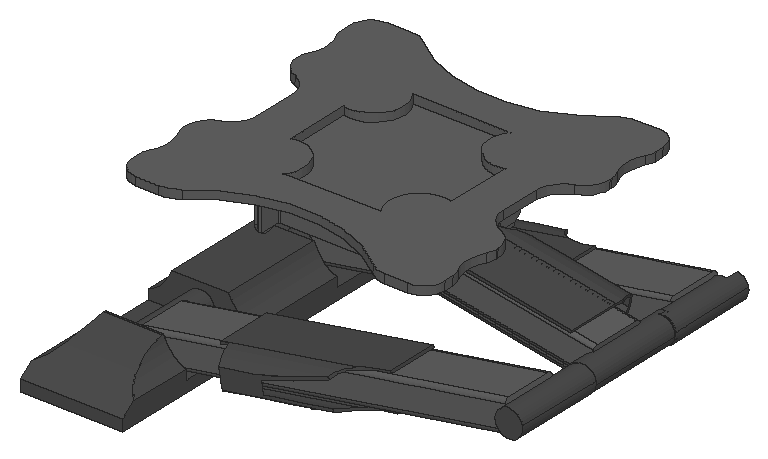
Revit family "Atdec-Wall_Mount_Rail-VFL-", category Generic Models, host Face, Revit 2016
Family settings
  Host = Face
  Part Type = Normal
  Can host rebar = No
  Round Connector Dimension = Use Diameter
  Cut with Voids When Loaded = No
  Shared = No
  Room Calculation Point = No
Parameters (values of type "TH-1040-VFL")
  X2 [instance] = 400 mm  # constant formula
  X [instance] = 660 mm  # constant formula
  Width = 500 mm
  Weight, single unit = "3.2kg (7lb)"
  Weight, master carton = "23.3kg (51.3lb)"
  Warranty = "10 years"
  VESA mounting hole pattern, mm = "100x100, 100x150, 200x100, 200x200"
  Universal Width (mm) = "-"
  Universal Height (mm) = "-"
  URL = "www.atdec.com.au"
  UPC Code = "881493007666"
  Tilt Adjustment = "10° of downward tilt"
  Single units per master pack = "6"
  Security feature = "-"
  Range of movement = "Full Motion"
  Product Information = "https://www.atdec.com.au/th-1040-vfl"
  Product Family = "Wall Mount Rail"  # constant formula
  Single Unit Dimensions = "387mm (15.2\") Lenght, 317mm (12.5\") Width, 58mm (2.3\") Height"
  Plate Finish [instance] = ATD-Powdercoat Black
  Pan adjustment = "90° left and 90° right"
  Model = "TH-1040-VFL"
  Minimum distance from wall (mm) = "52mm (2.05\")"
  Maximum distance from wall (mm) = "506mm (19.92\")"
  Material = "Steel"
  Master Carton Dimensions = "400mm (15.7\") Lenght, 370mm (13\") Width, 370mm (14.5\") Height"
  Manufacturer = "Atdec"  # constant formula
  Flat Screen maximum supported weight, kg = "35kg (77lb)"
  Email Address = "support@atdec.com"
  Dist X Arm 1 [instance] = 174 mm * cos(Angle Arm 1) + (X2 / 2)  # 28.643 mm
  Dist Y Arm 2 [instance] = 280 mm * sin(Angle Arm 2)  # 48.621 mm
  Dist Y Arm 1 [instance] = 174 mm * sin(Angle Arm 1)  # 30.215 mm
  Dist X Arm 2 [instance] = 280 mm * cos(Angle Arm 2) + (X / 2)  # 605.746 mm
  Description = "Slim full motion mount"
  Default Elevation = 1219.2 mm
  Colour Options = "Black"
  Bracket Finish [instance] = ATD-Plate Finish
  Assembly Code = "E1010800"
  Angle Plate Restriction [instance] = if(Angle Plate > 180.00°, 180.00°, Angle Plate)  # 0.00°
  Angle Plate [instance] = 0.00°
  Angle Arm 2 [instance] = 10.00°
  Angle Arm 1 [instance] = 170.00°
  Angle 2 Restriction [instance] = if(Angle Arm 2 > 180.00°, 180.00°, Angle Arm 2)  # 10.00°
  Angle 1 Restriction [instance] = if(Angle Arm 1 > 180.00°, 180.00°, Angle Arm 1)  # 170.00°
Reference planes
  plane 1 "Center (Front/Back)": y = 0
  plane 2: z = 0
  plane 3 "Center (Left/Right)": x = 0
  plane 4: z = 18.252
  plane 5: z = 66.874
  plane 6: x = 275.746
  plane 7: x = -330
  plane 8: x = 330
  plane 9: x = 475.746
  plane 10: x = 75.746
  plane 11: x = 104.39
  plane 12: z = 97.089
Forms (mm)
  Extrusion 1, solid, material "ATD-Plate Finish" <- "Bracket Finish"
    sketch origin (0, 0, 0) x (1, 0, 0) y (0, 0, 1)
      loop
        arc (-20.955, 32.899) -> (-27.061, 22.209) -> (-37.142, 15.141) r 28.187
        line (-37.142, 15.141) -> (-37.142, 0) -> (37.142, 0) -> (37.142, 15.141)
        arc (37.142, 15.141) -> (27.061, 22.209) -> (20.955, 32.899) r 28.187
        line (20.955, 32.899) -> (-20.955, 32.899)
    from -157.485 to 157.485
  Extrusion 2, void
    sketch origin (0, 0, 0) x (0, 1, 0) y (0, 0, 1)
      loop
        line (38.5, 8.252) -> (98.5, 8.252) -> (98.5, 33.234)
        arc (98.5, 33.234) -> (128.285, 23.743) -> (155.437, 8.252) r 149.155
        line (155.437, 8.252) -> (155.437, 0) -> (165.894, 0) -> (165.894, 40) -> (-165.894, 40) -> (-165.894, 0) -> (-155.437, 0) -> (-155.437, 8.252)
        arc (-155.437, 8.252) -> (-128.285, 23.743) -> (-98.5, 33.234) r 149.155
        line (-98.5, 33.234) -> (-98.5, 8.252) -> (-38.5, 8.252) -> (-38.5, 38.252) -> (38.5, 38.252) -> (38.5, 8.252)
    from -57.089 to 50.137
Cuts and joins
  Extrusion 2 cuts Extrusion 1
Lines and regions (mm)
  reference lines
    curve 1: line (0, 0, 18.252) -> (73.861, 0, 31.276)
    curve 2: line (0, 0, 18.252) -> (-2.605, 0, 33.025)
    curve 3: line (209.789, 0, 78.504) -> (275.746, 0, 66.874)
    curve 4: line (275.746, 0, 66.874) -> (272.593, 0, 48.99)
    curve 5: line (104.39, 0, 97.089) -> (154.39, 0, 97.089)
    curve 6: line (104.39, 0, 97.089) -> (104.39, 0, 122.089)
Dimensions and locks
  Extrusion 1 sketch curve to Extrusion 1 sketch curve to plane 3 "Center (Left/Right)" to Extrusion 1 sketch curve to Extrusion 1 sketch curve = 10.751 mm locked, 37.142 mm locked, 37.142 mm locked, 10.751 mm locked
  Extrusion 1 sketch curve to Extrusion 1 sketch curve to Extrusion 1 sketch curve to plane 2 = 0 mm locked, 8.299 mm, 32.899 mm locked
  equal spacing: Extrusion 1, plane 1 "Center (Front/Back)", Extrusion 1, locked at 157.485 each
  locked: plane 4 to plane 2 at 18.252
  equal spacing: plane 7, plane 3 "Center (Left/Right)", plane 8
  "X": plane 7 to plane 8
  "Dist X Arm 2": plane 7 to plane 6
  "Dist Y Arm 2": plane 5 to plane 4
  equal spacing: plane 10, plane 6, plane 9
  "X2": plane 10 to plane 9
  "Dist X Arm 1": plane 10 to plane 11
  "Dist Y Arm 1": plane 12 to plane 5
  "Angle 2 Restriction": angle plane 4 to curve 1
  angle curve 1 to curve 2 = 90.00°
  "Angle 1 Restriction": angle plane 5 to curve 3
  locked: curve 3 to curve 4 (angle 90.00°)
  "Angle Plate Restriction": angle plane 12 to curve 5
  locked: curve 5 to curve 6 (angle 90.00°)
  aligned and locked: plane 2 to host face
  aligned and locked: level to host face
  aligned and locked: Extrusion 1 sketch curve to plane 2
  aligned and locked: plane 3 "Center (Left/Right)" to curve 1
  aligned and locked: plane 4 to curve 1
  aligned and locked: nested 1 to curve 2
  aligned and locked: cut or joined group of Extrusion 1, Extrusion 2 to nested 1
  aligned and locked: plane 5 to curve 3
  aligned and locked: curve 3 to nested 2
  aligned and locked: plane 6 to curve 3
  aligned and locked: plane 11 to curve 5
  aligned and locked: plane 12 to curve 5
  aligned and locked: curve 6 to nested 3
  aligned and locked: nested 3 to curve 5
  aligned and locked: plane 1 "Center (Front/Back)" to nested 3
  aligned and locked: plane 1 "Center (Front/Back)" to nested 2
Automatic sketch dimensions
  host sketch curve to host sketch curve = 544.919 mm
  host sketch curve to host sketch curve = 520.607 mm
  Extrusion 1 sketch curve to plane 3 "Center (Left/Right)" = 20.955 mm
  plane 3 "Center (Left/Right)" to Extrusion 1 sketch curve = 20.955 mm
  Extrusion 2 sketch curve to level = 0 mm  (x2)
  plane 1 "Center (Front/Back)" to Extrusion 2 sketch curve = 165.894 mm
  Extrusion 2 sketch curve to Extrusion 2 sketch curve = 10.457 mm  (x2)
  level to Extrusion 2 sketch curve = 8.252 mm  (x3)
  Extrusion 2 sketch curve to Extrusion 2 sketch curve = 56.937 mm  (x2)
  plane 1 "Center (Front/Back)" to Extrusion 2 sketch curve = 68.357 mm
  plane 1 "Center (Front/Back)" to Extrusion 2 sketch curve = 38.5 mm
  Extrusion 2 sketch curve to plane 1 "Center (Front/Back)" = 38.5 mm
  Extrusion 2 sketch curve to plane 1 "Center (Front/Back)" = 68.357 mm
  level to Extrusion 2 sketch curve = 33.234 mm
  Extrusion 2 sketch curve to Extrusion 2 sketch curve = 60 mm
  Extrusion 2 sketch curve to level = 112.844 mm
  Extrusion 2 sketch curve to Extrusion 2 sketch curve = 8.252 mm
  Extrusion 2 sketch curve to Extrusion 2 sketch curve = 30 mm
  Extrusion 2 sketch curve to Extrusion 2 sketch curve = 31.748 mm
Nested families
  nested 1: "VFL-ARM2" at (0, -2.127, 18.252) x (0, 1, 0) z (-0.1736, 0, 0.9848), Plate Finish <- "Plate Finish", Bracket Finish <- "Bracket Finish", type "VFL-ARM2"
    with Plate Finish ATD-Powdercoat Black, Bracket Finish ATD-Plate Finish
  nested 2: "VFL-ARM1" at (275.746, 0, 66.874) x (0, 1, 0) z (-0.1736, 0, -0.9848), Bracket Finish <- "Bracket Finish", Plate Finish <- "Plate Finish", type "VFL-ARM1"
    with Plate Finish ATD-Powdercoat Black, Bracket Finish ATD-Plate Finish
  nested 3: "VFL-Plate" at (104.39, 0, 97.089), Plate Finish <- "Plate Finish", Bracket Finish <- "Bracket Finish", type "VFL-Plate"
    with Plate Finish ATD-Powdercoat Black, Bracket Finish ATD-Plate Finish
Definition of nested family "VFL-ARM2"
  Parameters (values of type "VFL-ARM2")
    Plate Finish [instance] = none
    Default Elevation = 1219.2 mm
    Bracket Finish [instance] = none
  Reference planes
    plane 1 "Center (Front/Back)": y = 0
    plane 2: z = 0
    plane 3 "Center (Left/Right)": x = 0
  Forms (mm)
    Extrusion 1, solid, material <- "Bracket Finish"
      sketch origin (0, -455.192, 0) x (0, 1, 0) y (0, 0, 1)
        loop
          circle (174.211, 0) r 10
      from 36.308 to 102.3
    Extrusion 2, solid, material <- "Plate Finish"
      sketch origin (76.065, 0, 0) x (1, 0, 0) y (0, 0, 1)
        loop
          arc (-19, 11.676) -> (-21.121, 10.797) -> (-22, 8.676) r 3
          line (-22, 8.676) -> (-22, -8.64)
          arc (-22, -8.64) -> (-21.121, -10.761) -> (-19, -11.64) r 3
          line (-19, -11.64) -> (16.581, -11.64)
          arc (16.581, -11.64) -> (18.702, -10.761) -> (19.581, -8.64) r 3
          line (19.581, -8.64) -> (19.581, 8.676)
          arc (19.581, 8.676) -> (18.702, 10.797) -> (16.581, 11.676) r 3
          line (16.581, 11.676) -> (-19, 11.676)
        loop
          line (-133.13, 11.676) -> (-168.711, 11.676)
          arc (-168.711, 11.676) -> (-170.832, 10.797) -> (-171.711, 8.676) r 3
          line (-171.711, 8.676) -> (-171.711, -8.64)
          arc (-171.711, -8.64) -> (-170.832, -10.761) -> (-168.711, -11.64) r 3
          line (-168.711, -11.64) -> (-133.13, -11.64)
          arc (-133.13, -11.64) -> (-131.009, -10.761) -> (-130.13, -8.64) r 3
          line (-130.13, -8.64) -> (-130.13, 8.676)
          arc (-130.13, 8.676) -> (-131.009, 10.797) -> (-133.13, 11.676) r 3
      from 5.115 to 275.115
    Extrusion 3, solid, material <- "Bracket Finish"
      sketch origin (0, -174.211, 0) x (0, 1, 0) y (0, 0, 1)
        loop
          circle (174.211, 0) r 10
      from 36.308 to 100.627
    Extrusion 4, solid, material <- "Bracket Finish"
      sketch origin (0, -455.192, 0) x (0, 1, 0) y (0, 0, -1)
        loop
          circle (174.211, 0) r 10
      from 36.308 to 102.3
    Extrusion 5, solid, material <- "Bracket Finish"
      sketch origin (-76.065, 0, 0) x (-1, 0, 0) y (0, 0, -1)
        loop
          line (-22, -13.238) -> (19.581, -13.238)
          arc (19.581, -13.238) -> (32.214, -10.809) -> (43.045, -3.868) r 34.064
          line (43.045, -3.868) -> (43.045, 4.102)
          arc (43.045, 4.102) -> (31.483, 11.326) -> (18.014, 13.437) r 34.064
          line (18.014, 13.437) -> (-22, 13.437) -> (-22, 11.7) -> (20.004, 11.7)
          arc (20.004, 11.7) -> (29.978, 9.977) -> (38.798, 5.01) r 29.743
          line (38.798, 5.01) -> (38.798, -4.32)
          arc (38.798, -4.32) -> (30.092, -9.76) -> (20.004, -11.66) r 27.732
          line (20.004, -11.66) -> (-22, -11.66) -> (-22, -13.238)
        loop
          line (-130.13, -13.238) -> (-130.13, -11.66) -> (-172.134, -11.66)
          arc (-172.134, -11.66) -> (-182.222, -9.76) -> (-190.928, -4.32) r 27.732
          line (-190.928, -4.32) -> (-190.928, 5.01)
          arc (-190.928, 5.01) -> (-182.109, 9.977) -> (-172.134, 11.7) r 29.743
          line (-172.134, 11.7) -> (-130.13, 11.7) -> (-130.13, 13.437) -> (-170.144, 13.437)
          arc (-170.144, 13.437) -> (-183.613, 11.326) -> (-195.175, 4.102) r 34.064
          line (-195.175, 4.102) -> (-195.175, -3.868)
          arc (-195.175, -3.868) -> (-184.344, -10.809) -> (-171.711, -13.238) r 34.064
          line (-171.711, -13.238) -> (-130.13, -13.238)
      from 65.932 to 188.255
    Extrusion 6, solid, material <- "Bracket Finish"
      sketch origin (0, -174.211, 0) x (0, 1, 0) y (0, 0, -1)
        loop
          circle (174.211, 0) r 10
      from 36.308 to 100.627
    Extrusion 7, void
      sketch origin (-71.54, -49.866, 0) x (-1, 0, 0) y (0, -1, 0)
        loop
          line (20.831, 235.134) -> (20.831, 129.134)
          arc (20.831, 129.134) -> (25.119, 114.468) -> (36.631, 104.421) r 27.225
          arc (36.631, 104.421) -> (42.762, 66.942) -> (43.323, 28.968) r 257.914
          line (43.323, 28.968) -> (24.529, 22.128) -> (24.529, -49.866) -> (55.797, -49.866) -> (55.797, 235.134) -> (20.831, 235.134)
        loop
          line (-163.91, 235.134) -> (-198.876, 235.134) -> (-198.876, -49.866) -> (-167.609, -49.866) -> (-167.609, 22.128) -> (-186.403, 28.968)
          arc (-186.403, 28.968) -> (-185.842, 66.942) -> (-179.711, 104.421) r 257.914
          arc (-179.711, 104.421) -> (-168.198, 114.468) -> (-163.91, 129.134) r 27.225
          line (-163.91, 129.134) -> (-163.91, 235.134)
      from -18.492 to 16.206
  Cuts and joins
    Extrusion 7 cuts Extrusion 1
    Extrusion 7 cuts Extrusion 3
    Extrusion 7 cuts Extrusion 5
  Dimensions and locks
    aligned and locked: level to plane 2
Definition of nested family "VFL-ARM1"
  Parameters (values of type "VFL-ARM1")
    Plate Finish [instance] = none
    Default Elevation = 1219.2 mm
    Bracket Finish [instance] = none
  Reference planes
    plane 1 "Center (Front/Back)": y = 0
    plane 2: z = 0
    plane 3 "Center (Left/Right)": x = 0
  Forms (mm)
    Extrusion 1, solid, material <- "Bracket Finish"
      sketch origin (0, 0, 0) x (0, 1, 0) y (0, 0, 1)
        loop
          circle (174.211, 0) r 10
      from -27.7 to 27.7
    Extrusion 2, solid, material <- "Bracket Finish"
      sketch origin (0, 0, 0) x (1, 0, 0) y (0, 0, 1)
        loop
          line (-22, 13.352) -> (-22, 11.676) -> (19.581, 11.676)
          arc (19.581, 11.676) -> (31.081, 9.538) -> (41.045, 3.41) r 32.001
          line (41.045, 3.41) -> (41.045, -3.89)
          arc (41.045, -3.89) -> (30.991, -9.643) -> (19.581, -11.64) r 33.601
          line (19.581, -11.64) -> (-22, -11.64) -> (-22, -13.28) -> (18.014, -13.28)
          arc (18.014, -13.28) -> (31.483, -11.169) -> (43.045, -3.945) r 34.064
          line (43.045, -3.945) -> (43.045, 3.981)
          arc (43.045, 3.981) -> (32.214, 10.922) -> (19.581, 13.352) r 34.064
          line (19.581, 13.352) -> (-22, 13.352)
      from -130.881 to -22.128
    Extrusion 3, void
      sketch origin (0, 0, 0) x (1, 0, 0) y (0, 1, 0)
        loop
          line (19.581, 169.134) -> (19.581, 129.134)
          arc (19.581, 129.134) -> (24.286, 113.835) -> (36.774, 103.824) r 27.225
          arc (36.774, 103.824) -> (42.789, 66.636) -> (43.323, 28.968) r 257.914
          line (43.323, 28.968) -> (24.529, 22.128) -> (18.014, 5.134) -> (48.014, 5.134) -> (48.014, 169.134) -> (19.581, 169.134)
      from -18.492 to 16.206
    Extrusion 4, solid, material <- "Bracket Finish"
      sketch origin (0, -174.211, 0) x (0, 1, 0) y (0, 0, 1)
        loop
          circle (174.211, 0) r 10
      from -38.8 to 38.8
    Extrusion 5, solid, material <- "Plate Finish"
      sketch origin (0, 0, 30) x (1, 0, 0) y (0, 0, 1)
        loop
          arc (-19, -18.324) -> (-21.121, -19.203) -> (-22, -21.324) r 3
          line (-22, -21.324) -> (-22, -38.64)
          arc (-22, -38.64) -> (-21.121, -40.761) -> (-19, -41.64) r 3
          line (-19, -41.64) -> (16.581, -41.64)
          arc (16.581, -41.64) -> (18.702, -40.761) -> (19.581, -38.64) r 3
          line (19.581, -38.64) -> (19.581, -21.324)
          arc (19.581, -21.324) -> (18.702, -19.203) -> (16.581, -18.324) r 3
          line (16.581, -18.324) -> (-19, -18.324)
      from -169.134 to -5.134
  Cuts and joins
    Extrusion 3 cuts Extrusion 2
  Dimensions and locks
    aligned and locked: level to plane 2
Definition of nested family "VFL-Plate"
  Parameters (values of type "VFL-Plate")
    Plate Finish [instance] = none
    Default Elevation = 1219.2 mm
    Bracket Finish [instance] = none
  Reference planes
    plane 1 "Center (Front/Back)": y = 0
    plane 2: z = 0
    plane 3 "Center (Left/Right)": x = 0
  Forms (mm)
    Extrusion 1, solid, material <- "Plate Finish"
      sketch origin (0, 0, 0) x (1, 0, 0) y (0, 0, 1)
        loop
          line (-58, 22.016) -> (-58, -14.63) -> (-56, -14.63) -> (-56, 22.016)
          arc (-56, 22.016) -> (-55.707, 22.723) -> (-55, 23.016) r 1
          line (-55, 23.016) -> (56, 23.016)
          arc (56, 23.016) -> (56.707, 22.723) -> (57, 22.016) r 1
          line (57, 22.016) -> (57, -14.63) -> (59, -14.63) -> (59, 22.016)
          arc (59, 22.016) -> (58.121, 24.137) -> (56, 25.016) r 3
          line (56, 25.016) -> (-55, 25.016)
          arc (-55, 25.016) -> (-57.121, 24.137) -> (-58, 22.016) r 3
      from -47 to 47
    Extrusion 2, void
      sketch origin (0, 0, 0) x (0, 1, 0) y (0, 0, 1)
        loop
          line (23, 17.016) -> (-23.881, 17.016)
          arc (-23.881, 17.016) -> (-27.926, 15.447) -> (-29.856, 11.562) r 6
          arc (-29.856, 11.562) -> (-30.149, 3.361) -> (-29.53, -4.821) r 73.86
          arc (-29.53, -4.821) -> (-37.412, -14.71) -> (-47, -6.464) r 8.78
          line (-47, -6.464) -> (-47, -15.255) -> (47, -15.255) -> (47, 2.243)
          arc (47, 2.243) -> (44.979, -1.494) -> (41, -2.984) r 6.057
          line (41, -2.984) -> (35, -2.984)
          arc (35, -2.984) -> (30.757, -1.227) -> (29, 3.016) r 6
          line (29, 3.016) -> (29, 11.016)
          arc (29, 11.016) -> (27.243, 15.258) -> (23, 17.016) r 6
      from -58 to 59
    Extrusion 3, solid, material <- "Plate Finish"
      sketch origin (0, 0, 0) x (1, 0, 0) y (0, 1, 0)
        loop
          line (-113.5, 109) -> (-113.5, 101.896)
          arc (-113.5, 101.896) -> (-113.061, 98.246) -> (-111.748, 94.812) r 15.005
          arc (-111.748, 94.812) -> (-108.558, 82.018) -> (-111.733, 69.221) r 27.318
          arc (-111.733, 69.221) -> (-113.052, 65.771) -> (-113.5, 62.104) r 15.21
          line (-113.5, 62.104) -> (-113.5, 60.707)
          arc (-113.5, 60.707) -> (-110.2, 50.423) -> (-101.637, 43.84) r 18.131
          arc (-101.637, 43.84) -> (-92.109, 36.484) -> (-88.5, 25) r 20.078
          line (-88.5, 25) -> (-88.5, -5)
          arc (-88.5, -5) -> (-92.109, -16.484) -> (-101.637, -23.84) r 20.078
          arc (-101.637, -23.84) -> (-110.2, -30.423) -> (-113.5, -40.707) r 18.131
          line (-113.5, -40.707) -> (-113.5, -42.104)
          arc (-113.5, -42.104) -> (-113.052, -45.771) -> (-111.733, -49.221) r 15.21
          arc (-111.733, -49.221) -> (-108.558, -62.018) -> (-111.748, -74.812) r 27.318
          arc (-111.748, -74.812) -> (-113.061, -78.246) -> (-113.5, -81.896) r 15.005
          line (-113.5, -81.896) -> (-113.5, -89)
          arc (-113.5, -89) -> (-109.107, -99.607) -> (-98.5, -104) r 15
          line (-98.5, -104) -> (-82.114, -104)
          arc (-82.114, -104) -> (-75.22, -102.768) -> (-69.18, -99.224) r 19.903
          arc (-69.18, -99.224) -> (0, -73.681) -> (69.18, -99.224) r 106.452
          arc (69.18, -99.224) -> (75.22, -102.768) -> (82.114, -104) r 19.903
          line (82.114, -104) -> (98.5, -104)
          arc (98.5, -104) -> (109.107, -99.607) -> (113.5, -89) r 15
          line (113.5, -89) -> (113.5, -81.896)
          arc (113.5, -81.896) -> (113.061, -78.246) -> (111.748, -74.812) r 15.005
          arc (111.748, -74.812) -> (108.558, -62.018) -> (111.733, -49.221) r 27.318
          arc (111.733, -49.221) -> (113.052, -45.771) -> (113.5, -42.104) r 15.21
          line (113.5, -42.104) -> (113.5, -40.707)
          arc (113.5, -40.707) -> (110.2, -30.423) -> (101.637, -23.84) r 18.131
          arc (101.637, -23.84) -> (92.109, -16.484) -> (88.5, -5) r 20.078
          line (88.5, -5) -> (88.5, 25)
          arc (88.5, 25) -> (92.109, 36.484) -> (101.637, 43.84) r 20.078
          arc (101.637, 43.84) -> (110.2, 50.423) -> (113.5, 60.707) r 18.131
          line (113.5, 60.707) -> (113.5, 62.104)
          arc (113.5, 62.104) -> (113.052, 65.771) -> (111.733, 69.221) r 15.21
          arc (111.733, 69.221) -> (108.558, 82.018) -> (111.748, 94.812) r 27.318
          arc (111.748, 94.812) -> (113.061, 98.246) -> (113.5, 101.896) r 15.005
          line (113.5, 101.896) -> (113.5, 109)
          arc (113.5, 109) -> (109.107, 119.607) -> (98.5, 124) r 15
          line (98.5, 124) -> (82.114, 124)
          arc (82.114, 124) -> (75.22, 122.768) -> (69.18, 119.224) r 19.903
          arc (69.18, 119.224) -> (0, 93.681) -> (-69.18, 119.224) r 106.452
          arc (-69.18, 119.224) -> (-75.22, 122.768) -> (-82.114, 124) r 19.903
          line (-82.114, 124) -> (-98.5, 124)
          arc (-98.5, 124) -> (-109.107, 119.607) -> (-113.5, 109) r 15
        loop
          line (-57.866, 33.826) -> (-57.866, -14.826)
          arc (-57.866, -14.826) -> (-34.408, -24.152) -> (-35.653, -49.366) r 21.698
          line (-35.653, -49.366) -> (35.653, -49.366)
          arc (35.653, -49.366) -> (34.732, -23.662) -> (59, -15.139) r 21.698
          line (59, -15.139) -> (59, 34.139)
          arc (59, 34.139) -> (34.732, 42.662) -> (35.653, 68.366) r 21.698
          line (35.653, 68.366) -> (-35.653, 68.366)
          arc (-35.653, 68.366) -> (-34.408, 43.152) -> (-57.866, 33.826) r 21.698
      from 29.016 to 35.026
    Extrusion 4, solid, material <- "Plate Finish"
      sketch origin (0, 0, 0) x (1, 0, 0) y (0, 1, 0)
        loop
          line (-54.5, 47.5) -> (-54.5, 33.5)
          arc (-54.5, 33.5) -> (-53.621, 31.379) -> (-51.5, 30.5) r 3
          line (-51.5, 30.5) -> (51.5, 30.5)
          arc (51.5, 30.5) -> (53.621, 31.379) -> (54.5, 33.5) r 3
          line (54.5, 33.5) -> (54.5, 47.5) -> (52.5, 47.5) -> (52.5, 33.5)
          arc (52.5, 33.5) -> (52.207, 32.793) -> (51.5, 32.5) r 1
          line (51.5, 32.5) -> (-51.5, 32.5)
          arc (-51.5, 32.5) -> (-52.207, 32.793) -> (-52.5, 33.5) r 1
          line (-52.5, 33.5) -> (-52.5, 47.5) -> (-54.5, 47.5)
        loop
          line (-54.5, -47.5) -> (-52.5, -47.5) -> (-52.5, -33.5)
          arc (-52.5, -33.5) -> (-52.207, -32.793) -> (-51.5, -32.5) r 1
          line (-51.5, -32.5) -> (51.5, -32.5)
          arc (51.5, -32.5) -> (52.207, -32.793) -> (52.5, -33.5) r 1
          line (52.5, -33.5) -> (52.5, -47.5) -> (54.5, -47.5) -> (54.5, -33.5)
          arc (54.5, -33.5) -> (53.621, -31.379) -> (51.5, -30.5) r 3
          line (51.5, -30.5) -> (-51.5, -30.5)
          arc (-51.5, -30.5) -> (-53.621, -31.379) -> (-54.5, -33.5) r 3
          line (-54.5, -33.5) -> (-54.5, -47.5)
      from -9.984 to 15.016
    Extrusion 5, solid, material <- "Bracket Finish"
      sketch origin (0, 0, 0) x (1, 0, 0) y (0, 1, 0)
        loop
          circle (-39.379, 45.794) r 7.235
        loop
          circle (39.379, 45.794) r 7.235
      from 12.016 to 23.016
    Extrusion 6, solid, material <- "Bracket Finish"
      sketch origin (0, 0, 0) x (1, 0, 0) y (0, 0, 1)
        loop
          circle (0, 0) r 10
      from -30.5 to 30.5
    Extrusion 7, solid, material <- "Plate Finish"
      sketch origin (0, 0, 0) x (1, 0, 0) y (0, 1, 0)
        loop
          line (-59.866, 36.558) -> (-59.866, -17.558)
          arc (-59.866, -17.558) -> (-35.571, -26.088) -> (-40.473, -51.366) r 19.698
          line (-40.473, -51.366) -> (40.473, -51.366)
          arc (40.473, -51.366) -> (35.886, -25.557) -> (61, -18.045) r 19.698
          line (61, -18.045) -> (61, 37.045)
          arc (61, 37.045) -> (35.886, 44.557) -> (40.473, 70.366) r 19.698
          line (40.473, 70.366) -> (-40.473, 70.366)
          arc (-40.473, 70.366) -> (-35.571, 45.088) -> (-59.866, 36.558) r 19.698
      from 25.016 to 29.016
  Cuts and joins
    Extrusion 2 cuts Extrusion 1
  Dimensions and locks
    aligned and locked: level to plane 2
    aligned and locked: Extrusion 7 to Extrusion 3
    aligned and locked: Extrusion 6 to Extrusion 4  (x2)
